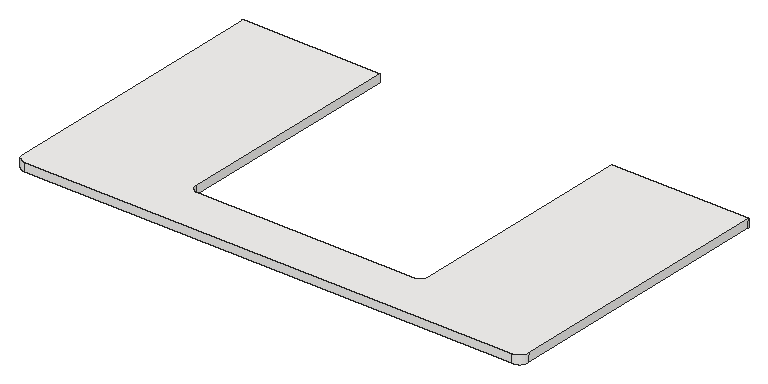
Revit family "console with cutout for countertop basin ground", category Furniture, Revit 2019 (continued)
Definition of nested family "console 780_550 with cutout in the middle for countertop basin ground 600_480-54109630-dark_walnut-200_content"
  Forms (mm)
    Extrusion 1, solid, visible <- "ContentVisible", detail levels medium+fine
      sketch origin (0, 0, 0) x (1, 0, 0) y (0, 1, 0)
        loop
          line (-390, 0) -> (-390, -550) -> (390, -550) -> (390, 0) -> (275, 0) -> (275, -460) -> (-275, -460) -> (-275, 0) -> (-390, 0)
      from 0 to 16
    Extrusion 2, solid, visible <- "ContentVisible", detail levels coarse
      sketch origin (0, -275, 0) x (1, 0, 0) y (0, 1, 0)
        loop
          line (-390, -275) -> (390, -275) -> (390, 275) -> (-390, 275) -> (-390, -275)
      from 0 to 16
  Dimensions and locks
    aligned and locked: level to plane 2
Definition of nested family "console 780_550 with cutout in the middle for countertop basin ground 600_480-54109630-dark_walnut-400_content"
  Parameters (values of type "Console 780_550 with cutout in the middle for countertop basin ground 600_480-54109630-DARK_WALNUT-400_Content")
    WEIGHT = "6.2"
    UNSPSC = "56 | Furniture and Furnishings"
    UNIFORMATII = "E2010 | Fixed Furnishings"
    UNICLASS2015 = "Pr_40_20_76_94 | Vanity units"
    SURFACE = "DARK_WALNUT"
    SPECIFICATION = "Surfaces:    - 54109050 High Gloss White  - 54109910 Diamond Matt Grey  - 54109230 Natural Oak  - 54109630 Dark Walnut      Specification:"
    REGIONSET = "Worldwide"
    PRODUCTURL = "https://pro.hansgrohe.com/articledetail--54109050"
    PRODUCTGROUP = "console"
    PRODUCTFAMILY = "Xelu Q"
    PERMALINK = "54109XXX"
    OMNICLASS = "23-19 31 17 11 | Bathroom Units"
    OBJECTTYPE = "Object (single object)"
    NN = "Console with cutout for countertop basin ground"
    NBSYN = "$BASENUMBER.-$ARTNR.-$SURFACE.-$LODLEVEL."
    NB = "Console 780/550 with cutout in the middle for countertop basin ground 600/480-54109630-DARK_WALNUT-400"
    NAME = "Xelu Q Console 780/550 with cutout in the middle for countertop basin ground 600/480"
    Model = "Console 780/550 with cutout in the middle for countertop basin ground 600/480-54109630-DARK_WALNUT-400"
    Manufacturer = "Hansgrohe"
    MASTERFORMAT = "12 35 30.23 | Bathroom Casework"
    LODLEVEL = "400"
    LL = 390
    LINA = "Console 780/550 with cutout in the middle for countertop basin ground 600/480-54109630-DARK_WALNUT-400"
    L1 = 550
    L = 780
    IFC = "Furnishing element"
    IDNR = 23
    GTINCODE = "4059625457290"
    ETIM = "EC011381 | Bathroom furniture set"
    Default Elevation = 1219.2 mm
    DESIGN = "Germany"
    ContentVisible [instance] = yes
    CATALOG = "Hansgrohe"
    BIMOBJECT = "Sanitary: Compound units "
    BASENUMBER = "Console 780/550 with cutout in the middle for countertop basin ground 600/480"
    ARTNR = "54109630"
  Reference planes
    plane 1 "Center (Front/Back)": y = 0
    plane 2: z = 0
    plane 3 "Center (Left/Right)": x = 0
  Forms (mm)
    Extrusion 1, solid, visible <- "ContentVisible", detail levels medium+fine
      sketch origin (0, 0, 0) x (1, 0, 0) y (0, 1, 0)
        loop
          line (-390, -1.5) -> (-390, -532)
          arc (-390, -532) -> (-384.728, -544.728) -> (-372, -550) r 18
          line (-372, -550) -> (372, -550)
          arc (372, -550) -> (384.728, -544.728) -> (390, -532) r 18
          line (390, -532) -> (390, -1.5)
          arc (390, -1.5) -> (389.561, -0.439) -> (388.5, 0) r 1.5
          line (388.5, 0) -> (275, 0) -> (275, -444)
          arc (275, -444) -> (270.314, -455.314) -> (259, -460) r 16
          line (259, -460) -> (-259, -460)
          arc (-259, -460) -> (-270.314, -455.314) -> (-275, -444) r 16
          line (-275, -444) -> (-275, 0) -> (-388.5, 0)
          arc (-388.5, 0) -> (-389.561, -0.439) -> (-390, -1.5) r 1.5
      from 0 to 16
    Extrusion 2, solid, visible <- "ContentVisible", detail levels coarse
      sketch origin (0, -275, 0) x (1, 0, 0) y (0, 1, 0)
        loop
          line (-390, -275) -> (390, -275) -> (390, 275) -> (-390, 275) -> (-390, -275)
      from 0 to 16
  Dimensions and locks
    aligned and locked: level to plane 2
Definition of nested family "console 780_550 with cutout in the middle for countertop basin ground 600_480-54109910-diamond_grey-200_content"
  Parameters (values of type "Console 780_550 with cutout in the middle for countertop basin ground 600_480-54109910-DIAMOND_GREY-200_Content")
    WEIGHT = "6.2"
    UNSPSC = "56 | Furniture and Furnishings"
    UNIFORMATII = "E2010 | Fixed Furnishings"
    UNICLASS2015 = "Pr_40_20_76_94 | Vanity units"
    SURFACE = "DIAMOND_GREY"
    SPECIFICATION = "Surfaces:    - 54109050 High Gloss White  - 54109910 Diamond Matt Grey  - 54109230 Natural Oak  - 54109630 Dark Walnut      Specification:"
    REGIONSET = "Worldwide"
    PRODUCTURL = "https://pro.hansgrohe.com/articledetail--54109050"
    PRODUCTGROUP = "console"
    PRODUCTFAMILY = "Xelu Q"
    PERMALINK = "54109XXX"
    OMNICLASS = "23-19 31 17 11 | Bathroom Units"
    OBJECTTYPE = "Object (single object)"
    NN = "Console with cutout for countertop basin ground"
    NBSYN = "$BASENUMBER.-$ARTNR.-$SURFACE.-$LODLEVEL."
    NB = "Console 780/550 with cutout in the middle for countertop basin ground 600/480-54109910-DIAMOND_GREY-200"
    NAME = "Xelu Q Console 780/550 with cutout in the middle for countertop basin ground 600/480"
    Model = "Console 780/550 with cutout in the middle for countertop basin ground 600/480-54109910-DIAMOND_GREY-200"
    Manufacturer = "Hansgrohe"
    MASTERFORMAT = "12 35 30.23 | Bathroom Casework"
    LODLEVEL = "200"
    LL = 390
    LINA = "Console 780/550 with cutout in the middle for countertop basin ground 600/480-54109910-DIAMOND_GREY-200"
    L1 = 550
    L = 780
    IFC = "Furnishing element"
    IDNR = 22
    GTINCODE = "4059625457290"
    ETIM = "EC011381 | Bathroom furniture set"
    Default Elevation = 1219.2 mm
    DESIGN = "Germany"
    ContentVisible [instance] = yes
    CATALOG = "Hansgrohe"
    BIMOBJECT = "Sanitary: Compound units "
    BASENUMBER = "Console 780/550 with cutout in the middle for countertop basin ground 600/480"
    ARTNR = "54109910"
  Reference planes
    plane 1 "Center (Front/Back)": y = 0
    plane 2: z = 0
    plane 3 "Center (Left/Right)": x = 0
  Forms (mm)
    Extrusion 1, solid, visible <- "ContentVisible", detail levels medium+fine
      sketch origin (0, 0, 0) x (1, 0, 0) y (0, 1, 0)
        loop
          line (-390, 0) -> (-390, -550) -> (390, -550) -> (390, 0) -> (275, 0) -> (275, -460) -> (-275, -460) -> (-275, 0) -> (-390, 0)
      from 0 to 16
    Extrusion 2, solid, visible <- "ContentVisible", detail levels coarse
      sketch origin (0, -275, 0) x (1, 0, 0) y (0, 1, 0)
        loop
          line (-390, -275) -> (390, -275) -> (390, 275) -> (-390, 275) -> (-390, -275)
      from 0 to 16
  Dimensions and locks
    aligned and locked: level to plane 2
Definition of nested family "console 780_550 with cutout in the middle for countertop basin ground 600_480-54109910-diamond_grey-400_content"
  Parameters (values of type "Console 780_550 with cutout in the middle for countertop basin ground 600_480-54109910-DIAMOND_GREY-400_Content")
    WEIGHT = "6.2"
    UNSPSC = "56 | Furniture and Furnishings"
    UNIFORMATII = "E2010 | Fixed Furnishings"
    UNICLASS2015 = "Pr_40_20_76_94 | Vanity units"
    SURFACE = "DIAMOND_GREY"
    SPECIFICATION = "Surfaces:    - 54109050 High Gloss White  - 54109910 Diamond Matt Grey  - 54109230 Natural Oak  - 54109630 Dark Walnut      Specification:"
    REGIONSET = "Worldwide"
    PRODUCTURL = "https://pro.hansgrohe.com/articledetail--54109050"
    PRODUCTGROUP = "console"
    PRODUCTFAMILY = "Xelu Q"
    PERMALINK = "54109XXX"
    OMNICLASS = "23-19 31 17 11 | Bathroom Units"
    OBJECTTYPE = "Object (single object)"
    NN = "Console with cutout for countertop basin ground"
    NBSYN = "$BASENUMBER.-$ARTNR.-$SURFACE.-$LODLEVEL."
    NB = "Console 780/550 with cutout in the middle for countertop basin ground 600/480-54109910-DIAMOND_GREY-400"
    NAME = "Xelu Q Console 780/550 with cutout in the middle for countertop basin ground 600/480"
    Model = "Console 780/550 with cutout in the middle for countertop basin ground 600/480-54109910-DIAMOND_GREY-400"
    Manufacturer = "Hansgrohe"
    MASTERFORMAT = "12 35 30.23 | Bathroom Casework"
    LODLEVEL = "400"
    LL = 390
    LINA = "Console 780/550 with cutout in the middle for countertop basin ground 600/480-54109910-DIAMOND_GREY-400"
    L1 = 550
    L = 780
    IFC = "Furnishing element"
    IDNR = 22
    GTINCODE = "4059625457290"
    ETIM = "EC011381 | Bathroom furniture set"
    Default Elevation = 1219.2 mm
    DESIGN = "Germany"
    ContentVisible [instance] = yes
    CATALOG = "Hansgrohe"
    BIMOBJECT = "Sanitary: Compound units "
    BASENUMBER = "Console 780/550 with cutout in the middle for countertop basin ground 600/480"
    ARTNR = "54109910"
  Reference planes
    plane 1 "Center (Front/Back)": y = 0
    plane 2: z = 0
    plane 3 "Center (Left/Right)": x = 0
  Forms (mm)
    Extrusion 1, solid, visible <- "ContentVisible", detail levels medium+fine
      sketch origin (0, 0, 0) x (1, 0, 0) y (0, 1, 0)
        loop
          line (-390, -1.5) -> (-390, -532)
          arc (-390, -532) -> (-384.728, -544.728) -> (-372, -550) r 18
          line (-372, -550) -> (372, -550)
          arc (372, -550) -> (384.728, -544.728) -> (390, -532) r 18
          line (390, -532) -> (390, -1.5)
          arc (390, -1.5) -> (389.561, -0.439) -> (388.5, 0) r 1.5
          line (388.5, 0) -> (275, 0) -> (275, -444)
          arc (275, -444) -> (270.314, -455.314) -> (259, -460) r 16
          line (259, -460) -> (-259, -460)
          arc (-259, -460) -> (-270.314, -455.314) -> (-275, -444) r 16
          line (-275, -444) -> (-275, 0) -> (-388.5, 0)
          arc (-388.5, 0) -> (-389.561, -0.439) -> (-390, -1.5) r 1.5
      from 0 to 16
    Extrusion 2, solid, visible <- "ContentVisible", detail levels coarse
      sketch origin (0, -275, 0) x (1, 0, 0) y (0, 1, 0)
        loop
          line (-390, -275) -> (390, -275) -> (390, 275) -> (-390, 275) -> (-390, -275)
      from 0 to 16
  Dimensions and locks
    aligned and locked: level to plane 2
Definition of nested family "console 980_550 with cutout in the middle for countertop basin ground 500_480-54095050-glossy_white-200_content"
  Parameters (values of type "Console 980_550 with cutout in the middle for countertop basin ground 500_480-54095050-GLOSSY_WHITE-200_Content")
    WEIGHT = "11"
    UNSPSC = "56 | Furniture and Furnishings"
    UNIFORMATII = "E2010 | Fixed Furnishings"
    UNICLASS2015 = "Pr_40_20_76_94 | Vanity units"
    SURFACE = "GLOSSY_WHITE"
    SPECIFICATION = "Surfaces:    - 54095050 High Gloss White  - 54095910 Diamond Matt Grey  - 54095230 Natural Oak  - 54095630 Dark Walnut      Specification:"
    REGIONSET = "Worldwide"
    PRODUCTURL = "https://pro.hansgrohe.com/articledetail--54095050"
    PRODUCTGROUP = "console"
    PRODUCTFAMILY = "Xelu Q"
    PERMALINK = "54095XXX"
    OMNICLASS = "23-19 31 17 11 | Bathroom Units"
    OBJECTTYPE = "Object (single object)"
    NN = "Console with cutout for countertop basin ground"
    NBSYN = "$BASENUMBER.-$ARTNR.-$SURFACE.-$LODLEVEL."
    NB = "Console 980/550 with cutout in the middle for countertop basin ground 500/480-54095050-GLOSSY_WHITE-200"
    NAME = "Xelu Q Console 980/550 with cutout in the middle for countertop basin ground 500/480"
    Model = "Console 980/550 with cutout in the middle for countertop basin ground 500/480-54095050-GLOSSY_WHITE-200"
    Manufacturer = "Hansgrohe"
    MASTERFORMAT = "12 35 30.23 | Bathroom Casework"
    LODLEVEL = "200"
    LL = 490
    LINA = "Console 980/550 with cutout in the middle for countertop basin ground 500/480-54095050-GLOSSY_WHITE-200"
    L1 = 450
    L = 980
    IFC = "Furnishing element"
    IDNR = 8
    GTINCODE = "4059625457092"
    ETIM = "EC011381 | Bathroom furniture set"
    Default Elevation = 1219.2 mm
    DESIGN = "Germany"
    ContentVisible [instance] = yes
    CATALOG = "Hansgrohe"
    BIMOBJECT = "Sanitary: Compound units "
    BASENUMBER = "Console 980/550 with cutout in the middle for countertop basin ground 500/480"
    ARTNR = "54095050"
  Reference planes
    plane 1 "Center (Front/Back)": y = 0
    plane 2: z = 0
    plane 3 "Center (Left/Right)": x = 0
  Forms (mm)
    Extrusion 1, solid, visible <- "ContentVisible", detail levels medium+fine
      sketch origin (0, 0, 0) x (1, 0, 0) y (0, 1, 0)
        loop
          line (-490, 0) -> (-490, -550) -> (490, -550) -> (490, 0) -> (225, 0) -> (225, -460) -> (-225, -460) -> (-225, 0) -> (-490, 0)
      from 0 to 16
    Extrusion 2, solid, visible <- "ContentVisible", detail levels coarse
      sketch origin (0, -275, 0) x (1, 0, 0) y (0, 1, 0)
        loop
          line (-490, -275) -> (490, -275) -> (490, 275) -> (-490, 275) -> (-490, -275)
      from 0 to 16
  Dimensions and locks
    aligned and locked: level to plane 2
Definition of nested family "console 980_550 with cutout in the middle for countertop basin ground 500_480-54095230-natural_oak-200_content"
  Parameters (values of type "Console 980_550 with cutout in the middle for countertop basin ground 500_480-54095230-NATURAL_OAK-200_Content")
    WEIGHT = "11"
    UNSPSC = "56 | Furniture and Furnishings"
    UNIFORMATII = "E2010 | Fixed Furnishings"
    UNICLASS2015 = "Pr_40_20_76_94 | Vanity units"
    SURFACE = "NATURAL_OAK"
    SPECIFICATION = "Surfaces:    - 54095050 High Gloss White  - 54095910 Diamond Matt Grey  - 54095230 Natural Oak  - 54095630 Dark Walnut      Specification:"
    REGIONSET = "Worldwide"
    PRODUCTURL = "https://pro.hansgrohe.com/articledetail--54095050"
    PRODUCTGROUP = "console"
    PRODUCTFAMILY = "Xelu Q"
    PERMALINK = "54095XXX"
    OMNICLASS = "23-19 31 17 11 | Bathroom Units"
    OBJECTTYPE = "Object (single object)"
    NN = "Console with cutout for countertop basin ground"
    NBSYN = "$BASENUMBER.-$ARTNR.-$SURFACE.-$LODLEVEL."
    NB = "Console 980/550 with cutout in the middle for countertop basin ground 500/480-54095230-NATURAL_OAK-200"
    NAME = "Xelu Q Console 980/550 with cutout in the middle for countertop basin ground 500/480"
    Model = "Console 980/550 with cutout in the middle for countertop basin ground 500/480-54095230-NATURAL_OAK-200"
    Manufacturer = "Hansgrohe"
    MASTERFORMAT = "12 35 30.23 | Bathroom Casework"
    LODLEVEL = "200"
    LL = 490
    LINA = "Console 980/550 with cutout in the middle for countertop basin ground 500/480-54095230-NATURAL_OAK-200"
    L1 = 450
    L = 980
    IFC = "Furnishing element"
    IDNR = 6
    GTINCODE = "4059625457092"
    ETIM = "EC011381 | Bathroom furniture set"
    Default Elevation = 1219.2 mm
    DESIGN = "Germany"
    ContentVisible [instance] = yes
    CATALOG = "Hansgrohe"
    BIMOBJECT = "Sanitary: Compound units "
    BASENUMBER = "Console 980/550 with cutout in the middle for countertop basin ground 500/480"
    ARTNR = "54095230"
  Reference planes
    plane 1 "Center (Front/Back)": y = 0
    plane 2: z = 0
    plane 3 "Center (Left/Right)": x = 0
  Forms (mm)
    Extrusion 1, solid, visible <- "ContentVisible", detail levels medium+fine
      sketch origin (0, 0, 0) x (1, 0, 0) y (0, 1, 0)
        loop
          line (-490, 0) -> (-490, -550) -> (490, -550) -> (490, 0) -> (225, 0) -> (225, -460) -> (-225, -460) -> (-225, 0) -> (-490, 0)
      from 0 to 16
    Extrusion 2, solid, visible <- "ContentVisible", detail levels coarse
      sketch origin (0, -275, 0) x (1, 0, 0) y (0, 1, 0)
        loop
          line (-490, -275) -> (490, -275) -> (490, 275) -> (-490, 275) -> (-490, -275)
      from 0 to 16
  Dimensions and locks
    aligned and locked: level to plane 2
Definition of nested family "console 980_550 with cutout in the middle for countertop basin ground 500_480-54095230-natural_oak-400_content"
  Parameters (values of type "Console 980_550 with cutout in the middle for countertop basin ground 500_480-54095230-NATURAL_OAK-400_Content")
    WEIGHT = "11"
    UNSPSC = "56 | Furniture and Furnishings"
    UNIFORMATII = "E2010 | Fixed Furnishings"
    UNICLASS2015 = "Pr_40_20_76_94 | Vanity units"
    SURFACE = "NATURAL_OAK"
    SPECIFICATION = "Surfaces:    - 54095050 High Gloss White  - 54095910 Diamond Matt Grey  - 54095230 Natural Oak  - 54095630 Dark Walnut      Specification:"
    REGIONSET = "Worldwide"
    PRODUCTURL = "https://pro.hansgrohe.com/articledetail--54095050"
    PRODUCTGROUP = "console"
    PRODUCTFAMILY = "Xelu Q"
    PERMALINK = "54095XXX"
    OMNICLASS = "23-19 31 17 11 | Bathroom Units"
    OBJECTTYPE = "Object (single object)"
    NN = "Console with cutout for countertop basin ground"
    NBSYN = "$BASENUMBER.-$ARTNR.-$SURFACE.-$LODLEVEL."
    NB = "Console 980/550 with cutout in the middle for countertop basin ground 500/480-54095230-NATURAL_OAK-400"
    NAME = "Xelu Q Console 980/550 with cutout in the middle for countertop basin ground 500/480"
    Model = "Console 980/550 with cutout in the middle for countertop basin ground 500/480-54095230-NATURAL_OAK-400"
    Manufacturer = "Hansgrohe"
    MASTERFORMAT = "12 35 30.23 | Bathroom Casework"
    LODLEVEL = "400"
    LL = 490
    LINA = "Console 980/550 with cutout in the middle for countertop basin ground 500/480-54095230-NATURAL_OAK-400"
    L1 = 450
    L = 980
    IFC = "Furnishing element"
    IDNR = 6
    GTINCODE = "4059625457092"
    ETIM = "EC011381 | Bathroom furniture set"
    Default Elevation = 1219.2 mm
    DESIGN = "Germany"
    ContentVisible [instance] = yes
    CATALOG = "Hansgrohe"
    BIMOBJECT = "Sanitary: Compound units "
    BASENUMBER = "Console 980/550 with cutout in the middle for countertop basin ground 500/480"
    ARTNR = "54095230"
  Reference planes
    plane 1 "Center (Front/Back)": y = 0
    plane 2: z = 0
    plane 3 "Center (Left/Right)": x = 0
  Forms (mm)
    Extrusion 1, solid, visible <- "ContentVisible", detail levels medium+fine
      sketch origin (0, 0, 0) x (1, 0, 0) y (0, 1, 0)
        loop
          line (-490, -1.5) -> (-490, -532)
          arc (-490, -532) -> (-484.728, -544.728) -> (-472, -550) r 18
          line (-472, -550) -> (472, -550)
          arc (472, -550) -> (484.728, -544.728) -> (490, -532) r 18
          line (490, -532) -> (490, -1.5)
          arc (490, -1.5) -> (489.561, -0.439) -> (488.5, 0) r 1.5
          line (488.5, 0) -> (225, 0) -> (225, -444)
          arc (225, -444) -> (220.314, -455.314) -> (209, -460) r 16
          line (209, -460) -> (-209, -460)
          arc (-209, -460) -> (-220.314, -455.314) -> (-225, -444) r 16
          line (-225, -444) -> (-225, 0) -> (-488.5, 0)
          arc (-488.5, 0) -> (-489.561, -0.439) -> (-490, -1.5) r 1.5
      from 0 to 16
    Extrusion 2, solid, visible <- "ContentVisible", detail levels coarse
      sketch origin (0, -275, 0) x (1, 0, 0) y (0, 1, 0)
        loop
          line (-490, -275) -> (490, -275) -> (490, 275) -> (-490, 275) -> (-490, -275)
      from 0 to 16
  Dimensions and locks
    aligned and locked: level to plane 2
Definition of nested family "console 980_550 with cutout in the middle for countertop basin ground 500_480-54095630-dark_walnut-200_content"
  Parameters (values of type "Console 980_550 with cutout in the middle for countertop basin ground 500_480-54095630-DARK_WALNUT-200_Content")
    WEIGHT = "11"
    UNSPSC = "56 | Furniture and Furnishings"
    UNIFORMATII = "E2010 | Fixed Furnishings"
    UNICLASS2015 = "Pr_40_20_76_94 | Vanity units"
    SURFACE = "DARK_WALNUT"
    SPECIFICATION = "Surfaces:    - 54095050 High Gloss White  - 54095910 Diamond Matt Grey  - 54095230 Natural Oak  - 54095630 Dark Walnut      Specification:"
    REGIONSET = "Worldwide"
    PRODUCTURL = "https://pro.hansgrohe.com/articledetail--54095050"
    PRODUCTGROUP = "console"
    PRODUCTFAMILY = "Xelu Q"
    PERMALINK = "54095XXX"
    OMNICLASS = "23-19 31 17 11 | Bathroom Units"
    OBJECTTYPE = "Object (single object)"
    NN = "Console with cutout for countertop basin ground"
    NBSYN = "$BASENUMBER.-$ARTNR.-$SURFACE.-$LODLEVEL."
    NB = "Console 980/550 with cutout in the middle for countertop basin ground 500/480-54095630-DARK_WALNUT-200"
    NAME = "Xelu Q Console 980/550 with cutout in the middle for countertop basin ground 500/480"
    Model = "Console 980/550 with cutout in the middle for countertop basin ground 500/480-54095630-DARK_WALNUT-200"
    Manufacturer = "Hansgrohe"
    MASTERFORMAT = "12 35 30.23 | Bathroom Casework"
    LODLEVEL = "200"
    LL = 490
    LINA = "Console 980/550 with cutout in the middle for countertop basin ground 500/480-54095630-DARK_WALNUT-200"
    L1 = 450
    L = 980
    IFC = "Furnishing element"
    IDNR = 7
    GTINCODE = "4059625457092"
    ETIM = "EC011381 | Bathroom furniture set"
    Default Elevation = 1219.2 mm
    DESIGN = "Germany"
    ContentVisible [instance] = yes
    CATALOG = "Hansgrohe"
    BIMOBJECT = "Sanitary: Compound units "
    BASENUMBER = "Console 980/550 with cutout in the middle for countertop basin ground 500/480"
    ARTNR = "54095630"
  Reference planes
    plane 1 "Center (Front/Back)": y = 0
    plane 2: z = 0
    plane 3 "Center (Left/Right)": x = 0
  Forms (mm)
    Extrusion 1, solid, visible <- "ContentVisible", detail levels medium+fine
      sketch origin (0, 0, 0) x (1, 0, 0) y (0, 1, 0)
        loop
          line (-490, 0) -> (-490, -550) -> (490, -550) -> (490, 0) -> (225, 0) -> (225, -460) -> (-225, -460) -> (-225, 0) -> (-490, 0)
      from 0 to 16
    Extrusion 2, solid, visible <- "ContentVisible", detail levels coarse
      sketch origin (0, -275, 0) x (1, 0, 0) y (0, 1, 0)
        loop
          line (-490, -275) -> (490, -275) -> (490, 275) -> (-490, 275) -> (-490, -275)
      from 0 to 16
  Dimensions and locks
    aligned and locked: level to plane 2
Definition of nested family "console 980_550 with cutout in the middle for countertop basin ground 500_480-54095630-dark_walnut-400_content"
  Parameters (values of type "Console 980_550 with cutout in the middle for countertop basin ground 500_480-54095630-DARK_WALNUT-400_Content")
    WEIGHT = "11"
    UNSPSC = "56 | Furniture and Furnishings"
    UNIFORMATII = "E2010 | Fixed Furnishings"
    UNICLASS2015 = "Pr_40_20_76_94 | Vanity units"
    SURFACE = "DARK_WALNUT"
    SPECIFICATION = "Surfaces:    - 54095050 High Gloss White  - 54095910 Diamond Matt Grey  - 54095230 Natural Oak  - 54095630 Dark Walnut      Specification:"
    REGIONSET = "Worldwide"
    PRODUCTURL = "https://pro.hansgrohe.com/articledetail--54095050"
    PRODUCTGROUP = "console"
    PRODUCTFAMILY = "Xelu Q"
    PERMALINK = "54095XXX"
    OMNICLASS = "23-19 31 17 11 | Bathroom Units"
    OBJECTTYPE = "Object (single object)"
    NN = "Console with cutout for countertop basin ground"
    NBSYN = "$BASENUMBER.-$ARTNR.-$SURFACE.-$LODLEVEL."
    NB = "Console 980/550 with cutout in the middle for countertop basin ground 500/480-54095630-DARK_WALNUT-400"
    NAME = "Xelu Q Console 980/550 with cutout in the middle for countertop basin ground 500/480"
    Model = "Console 980/550 with cutout in the middle for countertop basin ground 500/480-54095630-DARK_WALNUT-400"
    Manufacturer = "Hansgrohe"
    MASTERFORMAT = "12 35 30.23 | Bathroom Casework"
    LODLEVEL = "400"
    LL = 490
    LINA = "Console 980/550 with cutout in the middle for countertop basin ground 500/480-54095630-DARK_WALNUT-400"
    L1 = 450
    L = 980
    IFC = "Furnishing element"
    IDNR = 7
    GTINCODE = "4059625457092"
    ETIM = "EC011381 | Bathroom furniture set"
    Default Elevation = 1219.2 mm
    DESIGN = "Germany"
    ContentVisible [instance] = yes
    CATALOG = "Hansgrohe"
    BIMOBJECT = "Sanitary: Compound units "
    BASENUMBER = "Console 980/550 with cutout in the middle for countertop basin ground 500/480"
    ARTNR = "54095630"
  Reference planes
    plane 1 "Center (Front/Back)": y = 0
    plane 2: z = 0
    plane 3 "Center (Left/Right)": x = 0
  Forms (mm)
    Extrusion 1, solid, visible <- "ContentVisible", detail levels medium+fine
      sketch origin (0, 0, 0) x (1, 0, 0) y (0, 1, 0)
        loop
          line (-490, -1.5) -> (-490, -532)
          arc (-490, -532) -> (-484.728, -544.728) -> (-472, -550) r 18
          line (-472, -550) -> (472, -550)
          arc (472, -550) -> (484.728, -544.728) -> (490, -532) r 18
          line (490, -532) -> (490, -1.5)
          arc (490, -1.5) -> (489.561, -0.439) -> (488.5, 0) r 1.5
          line (488.5, 0) -> (225, 0) -> (225, -444)
          arc (225, -444) -> (220.314, -455.314) -> (209, -460) r 16
          line (209, -460) -> (-209, -460)
          arc (-209, -460) -> (-220.314, -455.314) -> (-225, -444) r 16
          line (-225, -444) -> (-225, 0) -> (-488.5, 0)
          arc (-488.5, 0) -> (-489.561, -0.439) -> (-490, -1.5) r 1.5
      from 0 to 16
    Extrusion 2, solid, visible <- "ContentVisible", detail levels coarse
      sketch origin (0, -275, 0) x (1, 0, 0) y (0, 1, 0)
        loop
          line (-490, -275) -> (490, -275) -> (490, 275) -> (-490, 275) -> (-490, -275)
      from 0 to 16
  Dimensions and locks
    aligned and locked: level to plane 2
Definition of nested family "console 980_550 with cutout in the middle for countertop basin ground 500_480-54095910-diamond_grey-200_content"
  Parameters (values of type "Console 980_550 with cutout in the middle for countertop basin ground 500_480-54095910-DIAMOND_GREY-200_Content")
    WEIGHT = "11"
    UNSPSC = "56 | Furniture and Furnishings"
    UNIFORMATII = "E2010 | Fixed Furnishings"
    UNICLASS2015 = "Pr_40_20_76_94 | Vanity units"
    SURFACE = "DIAMOND_GREY"
    SPECIFICATION = "Surfaces:    - 54095050 High Gloss White  - 54095910 Diamond Matt Grey  - 54095230 Natural Oak  - 54095630 Dark Walnut      Specification:"
    REGIONSET = "Worldwide"
    PRODUCTURL = "https://pro.hansgrohe.com/articledetail--54095050"
    PRODUCTGROUP = "console"
    PRODUCTFAMILY = "Xelu Q"
    PERMALINK = "54095XXX"
    OMNICLASS = "23-19 31 17 11 | Bathroom Units"
    OBJECTTYPE = "Object (single object)"
    NN = "Console with cutout for countertop basin ground"
    NBSYN = "$BASENUMBER.-$ARTNR.-$SURFACE.-$LODLEVEL."
    NB = "Console 980/550 with cutout in the middle for countertop basin ground 500/480-54095910-DIAMOND_GREY-200"
    NAME = "Xelu Q Console 980/550 with cutout in the middle for countertop basin ground 500/480"
    Model = "Console 980/550 with cutout in the middle for countertop basin ground 500/480-54095910-DIAMOND_GREY-200"
    Manufacturer = "Hansgrohe"
    MASTERFORMAT = "12 35 30.23 | Bathroom Casework"
    LODLEVEL = "200"
    LL = 490
    LINA = "Console 980/550 with cutout in the middle for countertop basin ground 500/480-54095910-DIAMOND_GREY-200"
    L1 = 450
    L = 980
    IFC = "Furnishing element"
    IDNR = 5
    GTINCODE = "4059625457092"
    ETIM = "EC011381 | Bathroom furniture set"
    Default Elevation = 1219.2 mm
    DESIGN = "Germany"
    ContentVisible [instance] = yes
    CATALOG = "Hansgrohe"
    BIMOBJECT = "Sanitary: Compound units "
    BASENUMBER = "Console 980/550 with cutout in the middle for countertop basin ground 500/480"
    ARTNR = "54095910"
  Reference planes
    plane 1 "Center (Front/Back)": y = 0
    plane 2: z = 0
    plane 3 "Center (Left/Right)": x = 0
  Forms (mm)
    Extrusion 1, solid, visible <- "ContentVisible", detail levels medium+fine
      sketch origin (0, 0, 0) x (1, 0, 0) y (0, 1, 0)
        loop
          line (-490, 0) -> (-490, -550) -> (490, -550) -> (490, 0) -> (225, 0) -> (225, -460) -> (-225, -460) -> (-225, 0) -> (-490, 0)
      from 0 to 16
    Extrusion 2, solid, visible <- "ContentVisible", detail levels coarse
      sketch origin (0, -275, 0) x (1, 0, 0) y (0, 1, 0)
        loop
          line (-490, -275) -> (490, -275) -> (490, 275) -> (-490, 275) -> (-490, -275)
      from 0 to 16
  Dimensions and locks
    aligned and locked: level to plane 2
Definition of nested family "console 980_550 with cutout in the middle for countertop basin ground 500_480-54095910-diamond_grey-400_content"
  Parameters (values of type "Console 980_550 with cutout in the middle for countertop basin ground 500_480-54095910-DIAMOND_GREY-400_Content")
    WEIGHT = "11"
    UNSPSC = "56 | Furniture and Furnishings"
    UNIFORMATII = "E2010 | Fixed Furnishings"
    UNICLASS2015 = "Pr_40_20_76_94 | Vanity units"
    SURFACE = "DIAMOND_GREY"
    SPECIFICATION = "Surfaces:    - 54095050 High Gloss White  - 54095910 Diamond Matt Grey  - 54095230 Natural Oak  - 54095630 Dark Walnut      Specification:"
    REGIONSET = "Worldwide"
    PRODUCTURL = "https://pro.hansgrohe.com/articledetail--54095050"
    PRODUCTGROUP = "console"
    PRODUCTFAMILY = "Xelu Q"
    PERMALINK = "54095XXX"
    OMNICLASS = "23-19 31 17 11 | Bathroom Units"
    OBJECTTYPE = "Object (single object)"
    NN = "Console with cutout for countertop basin ground"
    NBSYN = "$BASENUMBER.-$ARTNR.-$SURFACE.-$LODLEVEL."
    NB = "Console 980/550 with cutout in the middle for countertop basin ground 500/480-54095910-DIAMOND_GREY-400"
    NAME = "Xelu Q Console 980/550 with cutout in the middle for countertop basin ground 500/480"
    Model = "Console 980/550 with cutout in the middle for countertop basin ground 500/480-54095910-DIAMOND_GREY-400"
    Manufacturer = "Hansgrohe"
    MASTERFORMAT = "12 35 30.23 | Bathroom Casework"
    LODLEVEL = "400"
    LL = 490
    LINA = "Console 980/550 with cutout in the middle for countertop basin ground 500/480-54095910-DIAMOND_GREY-400"
    L1 = 450
    L = 980
    IFC = "Furnishing element"
    IDNR = 5
    GTINCODE = "4059625457092"
    ETIM = "EC011381 | Bathroom furniture set"
    Default Elevation = 1219.2 mm
    DESIGN = "Germany"
    ContentVisible [instance] = yes
    CATALOG = "Hansgrohe"
    BIMOBJECT = "Sanitary: Compound units "
    BASENUMBER = "Console 980/550 with cutout in the middle for countertop basin ground 500/480"
    ARTNR = "54095910"
  Reference planes
    plane 1 "Center (Front/Back)": y = 0
    plane 2: z = 0
    plane 3 "Center (Left/Right)": x = 0
  Forms (mm)
    Extrusion 1, solid, visible <- "ContentVisible", detail levels medium+fine
      sketch origin (0, 0, 0) x (1, 0, 0) y (0, 1, 0)
        loop
          line (-490, -1.5) -> (-490, -532)
          arc (-490, -532) -> (-484.728, -544.728) -> (-472, -550) r 18
          line (-472, -550) -> (472, -550)
          arc (472, -550) -> (484.728, -544.728) -> (490, -532) r 18
          line (490, -532) -> (490, -1.5)
          arc (490, -1.5) -> (489.561, -0.439) -> (488.5, 0) r 1.5
          line (488.5, 0) -> (225, 0) -> (225, -444)
          arc (225, -444) -> (220.314, -455.314) -> (209, -460) r 16
          line (209, -460) -> (-209, -460)
          arc (-209, -460) -> (-220.314, -455.314) -> (-225, -444) r 16
          line (-225, -444) -> (-225, 0) -> (-488.5, 0)
          arc (-488.5, 0) -> (-489.561, -0.439) -> (-490, -1.5) r 1.5
      from 0 to 16
    Extrusion 2, solid, visible <- "ContentVisible", detail levels coarse
      sketch origin (0, -275, 0) x (1, 0, 0) y (0, 1, 0)
        loop
          line (-490, -275) -> (490, -275) -> (490, 275) -> (-490, 275) -> (-490, -275)
      from 0 to 16
  Dimensions and locks
    aligned and locked: level to plane 2
Definition of nested family "console 980_550 with cutout in the middle for countertop basin ground 600_480-54110050-glossy_white-200_content"
  Parameters (values of type "Console 980_550 with cutout in the middle for countertop basin ground 600_480-54110050-GLOSSY_WHITE-200_Content")
    WEIGHT = "11"
    UNSPSC = "56 | Furniture and Furnishings"
    UNIFORMATII = "E2010 | Fixed Furnishings"
    UNICLASS2015 = "Pr_40_20_76_94 | Vanity units"
    SURFACE = "GLOSSY_WHITE"
    SPECIFICATION = "Surfaces:    - 54110050 High Gloss White  - 54110910 Diamond Matt Grey  - 54110230 Natural Oak  - 54110630 Dark Walnut      Specification"
    REGIONSET = "Worldwide"
    PRODUCTURL = "https://pro.hansgrohe.com/articledetail--54110050"
    PRODUCTGROUP = "console"
    PRODUCTFAMILY = "Xelu Q"
    PERMALINK = "54110XXX"
    OMNICLASS = "23-19 31 17 11 | Bathroom Units"
    OBJECTTYPE = "Object (single object)"
    NN = "Console with cutout for countertop basin ground"
    NBSYN = "$BASENUMBER.-$ARTNR.-$SURFACE.-$LODLEVEL."
    NB = "Console 980/550 with cutout in the middle for countertop basin ground 600/480-54110050-GLOSSY_WHITE-200"
    NAME = "Xelu Q Console 980/550 with cutout in the middle for countertop basin ground 600/480"
    Model = "Console 980/550 with cutout in the middle for countertop basin ground 600/480-54110050-GLOSSY_WHITE-200"
    Manufacturer = "Hansgrohe"
    MASTERFORMAT = "12 35 30.23 | Bathroom Casework"
    LODLEVEL = "200"
    LL = 490
    LINA = "Console 980/550 with cutout in the middle for countertop basin ground 600/480-54110050-GLOSSY_WHITE-200"
    L1 = 550
    L = 980
    IFC = "Furnishing element"
    IDNR = 27
    GTINCODE = "4059625457252"
    ETIM = "EC011381 | Bathroom furniture set"
    Default Elevation = 1219.2 mm
    DESIGN = "Germany"
    ContentVisible [instance] = yes
    CATALOG = "Hansgrohe"
    BIMOBJECT = "Sanitary: Compound units "
    BASENUMBER = "Console 980/550 with cutout in the middle for countertop basin ground 600/480"
    ARTNR = "54110050"
  Reference planes
    plane 1 "Center (Front/Back)": y = 0
    plane 2: z = 0
    plane 3 "Center (Left/Right)": x = 0
  Forms (mm)
    Extrusion 1, solid, visible <- "ContentVisible", detail levels medium+fine
      sketch origin (0, 0, 0) x (1, 0, 0) y (0, 1, 0)
        loop
          line (-490, 0) -> (-490, -550) -> (490, -550) -> (490, 0) -> (275, 0) -> (275, -460) -> (-275, -460) -> (-275, 0) -> (-490, 0)
      from 0 to 16
    Extrusion 2, solid, visible <- "ContentVisible", detail levels coarse
      sketch origin (0, -275, 0) x (1, 0, 0) y (0, 1, 0)
        loop
          line (-490, -275) -> (490, -275) -> (490, 275) -> (-490, 275) -> (-490, -275)
      from 0 to 16
  Dimensions and locks
    aligned and locked: level to plane 2
Definition of nested family "console 980_550 with cutout in the middle for countertop basin ground 600_480-54110050-glossy_white-400_content"
  Parameters (values of type "Console 980_550 with cutout in the middle for countertop basin ground 600_480-54110050-GLOSSY_WHITE-400_Content")
    WEIGHT = "11"
    UNSPSC = "56 | Furniture and Furnishings"
    UNIFORMATII = "E2010 | Fixed Furnishings"
    UNICLASS2015 = "Pr_40_20_76_94 | Vanity units"
    SURFACE = "GLOSSY_WHITE"
    SPECIFICATION = "Surfaces:    - 54110050 High Gloss White  - 54110910 Diamond Matt Grey  - 54110230 Natural Oak  - 54110630 Dark Walnut      Specification"
    REGIONSET = "Worldwide"
    PRODUCTURL = "https://pro.hansgrohe.com/articledetail--54110050"
    PRODUCTGROUP = "console"
    PRODUCTFAMILY = "Xelu Q"
    PERMALINK = "54110XXX"
    OMNICLASS = "23-19 31 17 11 | Bathroom Units"
    OBJECTTYPE = "Object (single object)"
    NN = "Console with cutout for countertop basin ground"
    NBSYN = "$BASENUMBER.-$ARTNR.-$SURFACE.-$LODLEVEL."
    NB = "Console 980/550 with cutout in the middle for countertop basin ground 600/480-54110050-GLOSSY_WHITE-400"
    NAME = "Xelu Q Console 980/550 with cutout in the middle for countertop basin ground 600/480"
    Model = "Console 980/550 with cutout in the middle for countertop basin ground 600/480-54110050-GLOSSY_WHITE-400"
    Manufacturer = "Hansgrohe"
    MASTERFORMAT = "12 35 30.23 | Bathroom Casework"
    LODLEVEL = "400"
    LL = 490
    LINA = "Console 980/550 with cutout in the middle for countertop basin ground 600/480-54110050-GLOSSY_WHITE-400"
    L1 = 550
    L = 980
    IFC = "Furnishing element"
    IDNR = 27
    GTINCODE = "4059625457252"
    ETIM = "EC011381 | Bathroom furniture set"
    Default Elevation = 1219.2 mm
    DESIGN = "Germany"
    ContentVisible [instance] = yes
    CATALOG = "Hansgrohe"
    BIMOBJECT = "Sanitary: Compound units "
    BASENUMBER = "Console 980/550 with cutout in the middle for countertop basin ground 600/480"
    ARTNR = "54110050"
  Reference planes
    plane 1 "Center (Front/Back)": y = 0
    plane 2: z = 0
    plane 3 "Center (Left/Right)": x = 0
  Forms (mm)
    Extrusion 1, solid, visible <- "ContentVisible", detail levels medium+fine
      sketch origin (0, 0, 0) x (1, 0, 0) y (0, 1, 0)
        loop
          line (-490, -1.5) -> (-490, -532)
          arc (-490, -532) -> (-484.728, -544.728) -> (-472, -550) r 18
          line (-472, -550) -> (472, -550)
          arc (472, -550) -> (484.728, -544.728) -> (490, -532) r 18
          line (490, -532) -> (490, -1.5)
          arc (490, -1.5) -> (489.561, -0.439) -> (488.5, 0) r 1.5
          line (488.5, 0) -> (275, 0) -> (275, -444)
          arc (275, -444) -> (270.314, -455.314) -> (259, -460) r 16
          line (259, -460) -> (-259, -460)
          arc (-259, -460) -> (-270.314, -455.314) -> (-275, -444) r 16
          line (-275, -444) -> (-275, 0) -> (-488.5, 0)
          arc (-488.5, 0) -> (-489.561, -0.439) -> (-490, -1.5) r 1.5
      from 0 to 16
    Extrusion 2, solid, visible <- "ContentVisible", detail levels coarse
      sketch origin (0, -275, 0) x (1, 0, 0) y (0, 1, 0)
        loop
          line (-490, -275) -> (490, -275) -> (490, 275) -> (-490, 275) -> (-490, -275)
      from 0 to 16
  Dimensions and locks
    aligned and locked: level to plane 2
Definition of nested family "console 980_550 with cutout in the middle for countertop basin ground 600_480-54110230-natural_oak-200_content"
  Parameters (values of type "Console 980_550 with cutout in the middle for countertop basin ground 600_480-54110230-NATURAL_OAK-200_Content")
    WEIGHT = "11"
    UNSPSC = "56 | Furniture and Furnishings"
    UNIFORMATII = "E2010 | Fixed Furnishings"
    UNICLASS2015 = "Pr_40_20_76_94 | Vanity units"
    SURFACE = "NATURAL_OAK"
    SPECIFICATION = "Surfaces:    - 54110050 High Gloss White  - 54110910 Diamond Matt Grey  - 54110230 Natural Oak  - 54110630 Dark Walnut      Specification"
    REGIONSET = "Worldwide"
    PRODUCTURL = "https://pro.hansgrohe.com/articledetail--54110050"
    PRODUCTGROUP = "console"
    PRODUCTFAMILY = "Xelu Q"
    PERMALINK = "54110XXX"
    OMNICLASS = "23-19 31 17 11 | Bathroom Units"
    OBJECTTYPE = "Object (single object)"
    NN = "Console with cutout for countertop basin ground"
    NBSYN = "$BASENUMBER.-$ARTNR.-$SURFACE.-$LODLEVEL."
    NB = "Console 980/550 with cutout in the middle for countertop basin ground 600/480-54110230-NATURAL_OAK-200"
    NAME = "Xelu Q Console 980/550 with cutout in the middle for countertop basin ground 600/480"
    Model = "Console 980/550 with cutout in the middle for countertop basin ground 600/480-54110230-NATURAL_OAK-200"
    Manufacturer = "Hansgrohe"
    MASTERFORMAT = "12 35 30.23 | Bathroom Casework"
    LODLEVEL = "200"
    LL = 490
    LINA = "Console 980/550 with cutout in the middle for countertop basin ground 600/480-54110230-NATURAL_OAK-200"
    L1 = 550
    L = 980
    IFC = "Furnishing element"
    IDNR = 25
    GTINCODE = "4059625457252"
    ETIM = "EC011381 | Bathroom furniture set"
    Default Elevation = 1219.2 mm
    DESIGN = "Germany"
    ContentVisible [instance] = yes
    CATALOG = "Hansgrohe"
    BIMOBJECT = "Sanitary: Compound units "
    BASENUMBER = "Console 980/550 with cutout in the middle for countertop basin ground 600/480"
    ARTNR = "54110230"
  Reference planes
    plane 1 "Center (Front/Back)": y = 0
    plane 2: z = 0
    plane 3 "Center (Left/Right)": x = 0
  Forms (mm)
    Extrusion 1, solid, visible <- "ContentVisible", detail levels medium+fine
      sketch origin (0, 0, 0) x (1, 0, 0) y (0, 1, 0)
        loop
          line (-490, 0) -> (-490, -550) -> (490, -550) -> (490, 0) -> (275, 0) -> (275, -460) -> (-275, -460) -> (-275, 0) -> (-490, 0)
      from 0 to 16
    Extrusion 2, solid, visible <- "ContentVisible", detail levels coarse
      sketch origin (0, -275, 0) x (1, 0, 0) y (0, 1, 0)
        loop
          line (-490, -275) -> (490, -275) -> (490, 275) -> (-490, 275) -> (-490, -275)
      from 0 to 16
  Dimensions and locks
    aligned and locked: level to plane 2
Definition of nested family "console 980_550 with cutout in the middle for countertop basin ground 600_480-54110230-natural_oak-400_content"
  Parameters (values of type "Console 980_550 with cutout in the middle for countertop basin ground 600_480-54110230-NATURAL_OAK-400_Content")
    WEIGHT = "11"
    UNSPSC = "56 | Furniture and Furnishings"
    UNIFORMATII = "E2010 | Fixed Furnishings"
    UNICLASS2015 = "Pr_40_20_76_94 | Vanity units"
    SURFACE = "NATURAL_OAK"
    SPECIFICATION = "Surfaces:    - 54110050 High Gloss White  - 54110910 Diamond Matt Grey  - 54110230 Natural Oak  - 54110630 Dark Walnut      Specification"
    REGIONSET = "Worldwide"
    PRODUCTURL = "https://pro.hansgrohe.com/articledetail--54110050"
    PRODUCTGROUP = "console"
    PRODUCTFAMILY = "Xelu Q"
    PERMALINK = "54110XXX"
    OMNICLASS = "23-19 31 17 11 | Bathroom Units"
    OBJECTTYPE = "Object (single object)"
    NN = "Console with cutout for countertop basin ground"
    NBSYN = "$BASENUMBER.-$ARTNR.-$SURFACE.-$LODLEVEL."
    NB = "Console 980/550 with cutout in the middle for countertop basin ground 600/480-54110230-NATURAL_OAK-400"
    NAME = "Xelu Q Console 980/550 with cutout in the middle for countertop basin ground 600/480"
    Model = "Console 980/550 with cutout in the middle for countertop basin ground 600/480-54110230-NATURAL_OAK-400"
    Manufacturer = "Hansgrohe"
    MASTERFORMAT = "12 35 30.23 | Bathroom Casework"
    LODLEVEL = "400"
    LL = 490
    LINA = "Console 980/550 with cutout in the middle for countertop basin ground 600/480-54110230-NATURAL_OAK-400"
    L1 = 550
    L = 980
    IFC = "Furnishing element"
    IDNR = 25
    GTINCODE = "4059625457252"
    ETIM = "EC011381 | Bathroom furniture set"
    Default Elevation = 1219.2 mm
    DESIGN = "Germany"
    ContentVisible [instance] = yes
    CATALOG = "Hansgrohe"
    BIMOBJECT = "Sanitary: Compound units "
    BASENUMBER = "Console 980/550 with cutout in the middle for countertop basin ground 600/480"
    ARTNR = "54110230"
  Reference planes
    plane 1 "Center (Front/Back)": y = 0
    plane 2: z = 0
    plane 3 "Center (Left/Right)": x = 0
  Forms (mm)
    Extrusion 1, solid, visible <- "ContentVisible", detail levels medium+fine
      sketch origin (0, 0, 0) x (1, 0, 0) y (0, 1, 0)
        loop
          line (-490, -1.5) -> (-490, -532)
          arc (-490, -532) -> (-484.728, -544.728) -> (-472, -550) r 18
          line (-472, -550) -> (472, -550)
          arc (472, -550) -> (484.728, -544.728) -> (490, -532) r 18
          line (490, -532) -> (490, -1.5)
          arc (490, -1.5) -> (489.561, -0.439) -> (488.5, 0) r 1.5
          line (488.5, 0) -> (275, 0) -> (275, -444)
          arc (275, -444) -> (270.314, -455.314) -> (259, -460) r 16
          line (259, -460) -> (-259, -460)
          arc (-259, -460) -> (-270.314, -455.314) -> (-275, -444) r 16
          line (-275, -444) -> (-275, 0) -> (-488.5, 0)
          arc (-488.5, 0) -> (-489.561, -0.439) -> (-490, -1.5) r 1.5
      from 0 to 16
    Extrusion 2, solid, visible <- "ContentVisible", detail levels coarse
      sketch origin (0, -275, 0) x (1, 0, 0) y (0, 1, 0)
        loop
          line (-490, -275) -> (490, -275) -> (490, 275) -> (-490, 275) -> (-490, -275)
      from 0 to 16
  Dimensions and locks
    aligned and locked: level to plane 2
Definition of nested family "console 980_550 with cutout in the middle for countertop basin ground 600_480-54110630-dark_walnut-200_content"
  Parameters (values of type "Console 980_550 with cutout in the middle for countertop basin ground 600_480-54110630-DARK_WALNUT-200_Content")
    WEIGHT = "11"
    UNSPSC = "56 | Furniture and Furnishings"
    UNIFORMATII = "E2010 | Fixed Furnishings"
    UNICLASS2015 = "Pr_40_20_76_94 | Vanity units"
    SURFACE = "DARK_WALNUT"
    SPECIFICATION = "Surfaces:    - 54110050 High Gloss White  - 54110910 Diamond Matt Grey  - 54110230 Natural Oak  - 54110630 Dark Walnut      Specification"
    REGIONSET = "Worldwide"
    PRODUCTURL = "https://pro.hansgrohe.com/articledetail--54110050"
    PRODUCTGROUP = "console"
    PRODUCTFAMILY = "Xelu Q"
    PERMALINK = "54110XXX"
    OMNICLASS = "23-19 31 17 11 | Bathroom Units"
    OBJECTTYPE = "Object (single object)"
    NN = "Console with cutout for countertop basin ground"
    NBSYN = "$BASENUMBER.-$ARTNR.-$SURFACE.-$LODLEVEL."
    NB = "Console 980/550 with cutout in the middle for countertop basin ground 600/480-54110630-DARK_WALNUT-200"
    NAME = "Xelu Q Console 980/550 with cutout in the middle for countertop basin ground 600/480"
    Model = "Console 980/550 with cutout in the middle for countertop basin ground 600/480-54110630-DARK_WALNUT-200"
    Manufacturer = "Hansgrohe"
    MASTERFORMAT = "12 35 30.23 | Bathroom Casework"
    LODLEVEL = "200"
    LL = 490
    LINA = "Console 980/550 with cutout in the middle for countertop basin ground 600/480-54110630-DARK_WALNUT-200"
    L1 = 550
    L = 980
    IFC = "Furnishing element"
    IDNR = 28
    GTINCODE = "4059625457252"
    ETIM = "EC011381 | Bathroom furniture set"
    Default Elevation = 1219.2 mm
    DESIGN = "Germany"
    ContentVisible [instance] = yes
    CATALOG = "Hansgrohe"
    BIMOBJECT = "Sanitary: Compound units "
    BASENUMBER = "Console 980/550 with cutout in the middle for countertop basin ground 600/480"
    ARTNR = "54110630"
  Reference planes
    plane 1 "Center (Front/Back)": y = 0
    plane 2: z = 0
    plane 3 "Center (Left/Right)": x = 0
  Forms (mm)
    Extrusion 1, solid, visible <- "ContentVisible", detail levels medium+fine
      sketch origin (0, 0, 0) x (1, 0, 0) y (0, 1, 0)
        loop
          line (-490, 0) -> (-490, -550) -> (490, -550) -> (490, 0) -> (275, 0) -> (275, -460) -> (-275, -460) -> (-275, 0) -> (-490, 0)
      from 0 to 16
    Extrusion 2, solid, visible <- "ContentVisible", detail levels coarse
      sketch origin (0, -275, 0) x (1, 0, 0) y (0, 1, 0)
        loop
          line (-490, -275) -> (490, -275) -> (490, 275) -> (-490, 275) -> (-490, -275)
      from 0 to 16
  Dimensions and locks
    aligned and locked: level to plane 2
Definition of nested family "console 980_550 with cutout in the middle for countertop basin ground 600_480-54110630-dark_walnut-400_content"
  Parameters (values of type "Console 980_550 with cutout in the middle for countertop basin ground 600_480-54110630-DARK_WALNUT-400_Content")
    WEIGHT = "11"
    UNSPSC = "56 | Furniture and Furnishings"
    UNIFORMATII = "E2010 | Fixed Furnishings"
    UNICLASS2015 = "Pr_40_20_76_94 | Vanity units"
    SURFACE = "DARK_WALNUT"
    SPECIFICATION = "Surfaces:    - 54110050 High Gloss White  - 54110910 Diamond Matt Grey  - 54110230 Natural Oak  - 54110630 Dark Walnut      Specification"
    REGIONSET = "Worldwide"
    PRODUCTURL = "https://pro.hansgrohe.com/articledetail--54110050"
    PRODUCTGROUP = "console"
    PRODUCTFAMILY = "Xelu Q"
    PERMALINK = "54110XXX"
    OMNICLASS = "23-19 31 17 11 | Bathroom Units"
    OBJECTTYPE = "Object (single object)"
    NN = "Console with cutout for countertop basin ground"
    NBSYN = "$BASENUMBER.-$ARTNR.-$SURFACE.-$LODLEVEL."
    NB = "Console 980/550 with cutout in the middle for countertop basin ground 600/480-54110630-DARK_WALNUT-400"
    NAME = "Xelu Q Console 980/550 with cutout in the middle for countertop basin ground 600/480"
    Model = "Console 980/550 with cutout in the middle for countertop basin ground 600/480-54110630-DARK_WALNUT-400"
    Manufacturer = "Hansgrohe"
    MASTERFORMAT = "12 35 30.23 | Bathroom Casework"
    LODLEVEL = "400"
    LL = 490
    LINA = "Console 980/550 with cutout in the middle for countertop basin ground 600/480-54110630-DARK_WALNUT-400"
    L1 = 550
    L = 980
    IFC = "Furnishing element"
    IDNR = 28
    GTINCODE = "4059625457252"
    ETIM = "EC011381 | Bathroom furniture set"
    Default Elevation = 1219.2 mm
    DESIGN = "Germany"
    ContentVisible [instance] = yes
    CATALOG = "Hansgrohe"
    BIMOBJECT = "Sanitary: Compound units "
    BASENUMBER = "Console 980/550 with cutout in the middle for countertop basin ground 600/480"
    ARTNR = "54110630"
  Reference planes
    plane 1 "Center (Front/Back)": y = 0
    plane 2: z = 0
    plane 3 "Center (Left/Right)": x = 0
  Forms (mm)
    Extrusion 1, solid, visible <- "ContentVisible", detail levels medium+fine
      sketch origin (0, 0, 0) x (1, 0, 0) y (0, 1, 0)
        loop
          line (-490, -1.5) -> (-490, -532)
          arc (-490, -532) -> (-484.728, -544.728) -> (-472, -550) r 18
          line (-472, -550) -> (472, -550)
          arc (472, -550) -> (484.728, -544.728) -> (490, -532) r 18
          line (490, -532) -> (490, -1.5)
          arc (490, -1.5) -> (489.561, -0.439) -> (488.5, 0) r 1.5
          line (488.5, 0) -> (275, 0) -> (275, -444)
          arc (275, -444) -> (270.314, -455.314) -> (259, -460) r 16
          line (259, -460) -> (-259, -460)
          arc (-259, -460) -> (-270.314, -455.314) -> (-275, -444) r 16
          line (-275, -444) -> (-275, 0) -> (-488.5, 0)
          arc (-488.5, 0) -> (-489.561, -0.439) -> (-490, -1.5) r 1.5
      from 0 to 16
    Extrusion 2, solid, visible <- "ContentVisible", detail levels coarse
      sketch origin (0, -275, 0) x (1, 0, 0) y (0, 1, 0)
        loop
          line (-490, -275) -> (490, -275) -> (490, 275) -> (-490, 275) -> (-490, -275)
      from 0 to 16
  Dimensions and locks
    aligned and locked: level to plane 2
Definition of nested family "console 980_550 with cutout in the middle for countertop basin ground 600_480-54110910-diamond_grey-200_content"
  Parameters (values of type "Console 980_550 with cutout in the middle for countertop basin ground 600_480-54110910-DIAMOND_GREY-200_Content")
    WEIGHT = "11"
    UNSPSC = "56 | Furniture and Furnishings"
    UNIFORMATII = "E2010 | Fixed Furnishings"
    UNICLASS2015 = "Pr_40_20_76_94 | Vanity units"
    SURFACE = "DIAMOND_GREY"
    SPECIFICATION = "Surfaces:    - 54110050 High Gloss White  - 54110910 Diamond Matt Grey  - 54110230 Natural Oak  - 54110630 Dark Walnut      Specification"
    REGIONSET = "Worldwide"
    PRODUCTURL = "https://pro.hansgrohe.com/articledetail--54110050"
    PRODUCTGROUP = "console"
    PRODUCTFAMILY = "Xelu Q"
    PERMALINK = "54110XXX"
    OMNICLASS = "23-19 31 17 11 | Bathroom Units"
    OBJECTTYPE = "Object (single object)"
    NN = "Console with cutout for countertop basin ground"
    NBSYN = "$BASENUMBER.-$ARTNR.-$SURFACE.-$LODLEVEL."
    NB = "Console 980/550 with cutout in the middle for countertop basin ground 600/480-54110910-DIAMOND_GREY-200"
    NAME = "Xelu Q Console 980/550 with cutout in the middle for countertop basin ground 600/480"
    Model = "Console 980/550 with cutout in the middle for countertop basin ground 600/480-54110910-DIAMOND_GREY-200"
    Manufacturer = "Hansgrohe"
    MASTERFORMAT = "12 35 30.23 | Bathroom Casework"
    LODLEVEL = "200"
    LL = 490
    LINA = "Console 980/550 with cutout in the middle for countertop basin ground 600/480-54110910-DIAMOND_GREY-200"
    L1 = 550
    L = 980
    IFC = "Furnishing element"
    IDNR = 26
    GTINCODE = "4059625457252"
    ETIM = "EC011381 | Bathroom furniture set"
    Default Elevation = 1219.2 mm
    DESIGN = "Germany"
    ContentVisible [instance] = yes
    CATALOG = "Hansgrohe"
    BIMOBJECT = "Sanitary: Compound units "
    BASENUMBER = "Console 980/550 with cutout in the middle for countertop basin ground 600/480"
    ARTNR = "54110910"
  Reference planes
    plane 1 "Center (Front/Back)": y = 0
    plane 2: z = 0
    plane 3 "Center (Left/Right)": x = 0
  Forms (mm)
    Extrusion 1, solid, visible <- "ContentVisible", detail levels medium+fine
      sketch origin (0, 0, 0) x (1, 0, 0) y (0, 1, 0)
        loop
          line (-490, 0) -> (-490, -550) -> (490, -550) -> (490, 0) -> (275, 0) -> (275, -460) -> (-275, -460) -> (-275, 0) -> (-490, 0)
      from 0 to 16
    Extrusion 2, solid, visible <- "ContentVisible", detail levels coarse
      sketch origin (0, -275, 0) x (1, 0, 0) y (0, 1, 0)
        loop
          line (-490, -275) -> (490, -275) -> (490, 275) -> (-490, 275) -> (-490, -275)
      from 0 to 16
  Dimensions and locks
    aligned and locked: level to plane 2
Definition of nested family "console 980_550 with cutout in the middle for countertop basin ground 600_480-54110910-diamond_grey-400_content"
  Parameters (values of type "Console 980_550 with cutout in the middle for countertop basin ground 600_480-54110910-DIAMOND_GREY-400_Content")
    WEIGHT = "11"
    UNSPSC = "56 | Furniture and Furnishings"
    UNIFORMATII = "E2010 | Fixed Furnishings"
    UNICLASS2015 = "Pr_40_20_76_94 | Vanity units"
    SURFACE = "DIAMOND_GREY"
    SPECIFICATION = "Surfaces:    - 54110050 High Gloss White  - 54110910 Diamond Matt Grey  - 54110230 Natural Oak  - 54110630 Dark Walnut      Specification"
    REGIONSET = "Worldwide"
    PRODUCTURL = "https://pro.hansgrohe.com/articledetail--54110050"
    PRODUCTGROUP = "console"
    PRODUCTFAMILY = "Xelu Q"
    PERMALINK = "54110XXX"
    OMNICLASS = "23-19 31 17 11 | Bathroom Units"
    OBJECTTYPE = "Object (single object)"
    NN = "Console with cutout for countertop basin ground"
    NBSYN = "$BASENUMBER.-$ARTNR.-$SURFACE.-$LODLEVEL."
    NB = "Console 980/550 with cutout in the middle for countertop basin ground 600/480-54110910-DIAMOND_GREY-400"
    NAME = "Xelu Q Console 980/550 with cutout in the middle for countertop basin ground 600/480"
    Model = "Console 980/550 with cutout in the middle for countertop basin ground 600/480-54110910-DIAMOND_GREY-400"
    Manufacturer = "Hansgrohe"
    MASTERFORMAT = "12 35 30.23 | Bathroom Casework"
    LODLEVEL = "400"
    LL = 490
    LINA = "Console 980/550 with cutout in the middle for countertop basin ground 600/480-54110910-DIAMOND_GREY-400"
    L1 = 550
    L = 980
    IFC = "Furnishing element"
    IDNR = 26
    GTINCODE = "4059625457252"
    ETIM = "EC011381 | Bathroom furniture set"
    Default Elevation = 1219.2 mm
    DESIGN = "Germany"
    ContentVisible [instance] = yes
    CATALOG = "Hansgrohe"
    BIMOBJECT = "Sanitary: Compound units "
    BASENUMBER = "Console 980/550 with cutout in the middle for countertop basin ground 600/480"
    ARTNR = "54110910"
  Reference planes
    plane 1 "Center (Front/Back)": y = 0
    plane 2: z = 0
    plane 3 "Center (Left/Right)": x = 0
  Forms (mm)
    Extrusion 1, solid, visible <- "ContentVisible", detail levels medium+fine
      sketch origin (0, 0, 0) x (1, 0, 0) y (0, 1, 0)
        loop
          line (-490, -1.5) -> (-490, -532)
          arc (-490, -532) -> (-484.728, -544.728) -> (-472, -550) r 18
          line (-472, -550) -> (472, -550)
          arc (472, -550) -> (484.728, -544.728) -> (490, -532) r 18
          line (490, -532) -> (490, -1.5)
          arc (490, -1.5) -> (489.561, -0.439) -> (488.5, 0) r 1.5
          line (488.5, 0) -> (275, 0) -> (275, -444)
          arc (275, -444) -> (270.314, -455.314) -> (259, -460) r 16
          line (259, -460) -> (-259, -460)
          arc (-259, -460) -> (-270.314, -455.314) -> (-275, -444) r 16
          line (-275, -444) -> (-275, 0) -> (-488.5, 0)
          arc (-488.5, 0) -> (-489.561, -0.439) -> (-490, -1.5) r 1.5
      from 0 to 16
    Extrusion 2, solid, visible <- "ContentVisible", detail levels coarse
      sketch origin (0, -275, 0) x (1, 0, 0) y (0, 1, 0)
        loop
          line (-490, -275) -> (490, -275) -> (490, 275) -> (-490, 275) -> (-490, -275)
      from 0 to 16
  Dimensions and locks
    aligned and locked: level to plane 2
